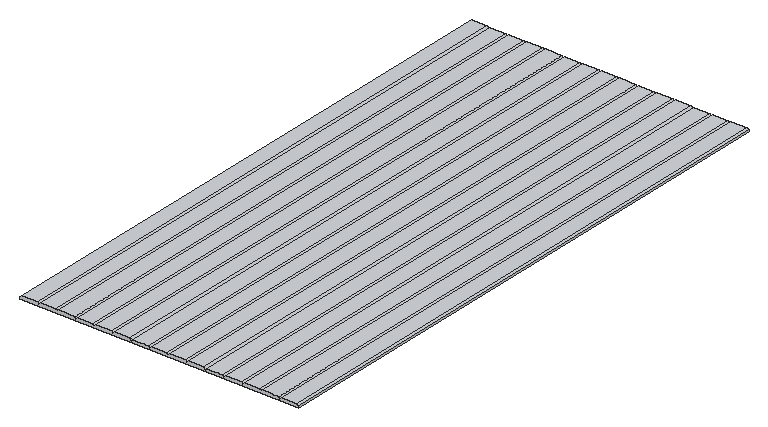
Revit family "J2 PET Felt Engraved Vertical", category Generic Models, host Face, Revit 2022
Family settings
  Host = Face
  Can host rebar = No
  Round Connector Dimension = Use Diameter
  Part Type = Normal
  Cut with Voids When Loaded = No
  Maintain Annotation Orientation = No
  Shared = No
  Room Calculation Point = No
Parameters
  URL = "https://www.j2systems.net/"
  Symbol Name = "FPEVER"  # constant formula
  Style Number = "FPEVER"  # constant formula
  Release Date = "2019"  # constant formula
  Product Line = "Engraved Panels"  # constant formula
  Model = "Vertical"  # constant formula
  Manufacturer = "J2 Systems"  # constant formula
  Felt color = none
  Default Elevation = 0' - 0"
Reference planes (in)
  plane 1 "Center (Front/Back)": y = 0
  plane 2: z = 0
  plane 3 "Center (Left/Right)": x = 0
Forms (in)
  Extrusion 1, solid, material <- "Felt color"
    sketch origin (0, 0, 0) x (1, 0, 0) y (0, 1, 0)
      loop
        line (0, 0) -> (47, 0) -> (47, 95) -> (0, 95) -> (0, 0)
    from 0 to 0.5
  Sweep 2, void
    path origin (-23.5, 0, 0) x (1, 0, 0) y (0, 1, 0)
      loop
        line (23.5, 0) -> (23.5, 95)
    profile origin (0, 47.5, 0) x (-1, 0, 0) y (0, 0, 1)
      loop
        line (0, 0.25) -> (0, 0.5) -> (-0.25, 0.5) -> (0, 0.25)
  Sweep 3, void
    path origin (23.5, 0, 0) x (1, 0, 0) y (0, 1, 0)
      loop
        line (23.5, 0) -> (23.5, 95)
    profile origin (47, 47.5, 0) x (-1, 0, 0) y (0, 0, 1)
      loop
        line (0, 0.25) -> (0.25, 0.5) -> (0, 0.5) -> (0, 0.25)
  Sweep 4, void
    path origin (-20.36667, 0, 0) x (1, 0, 0) y (0, 1, 0)
      loop
        line (23.5, 0) -> (23.5, 95)
    profile origin (3.13333, 47.5, 0) x (-1, 0, 0) y (0, 0, 1)
      loop
        line (0, 0.25) -> (0.25, 0.5) -> (-0.25, 0.5) -> (0, 0.25)
  Sweep 5, void
    path origin (-17.23333, 0, 0) x (1, 0, 0) y (0, 1, 0)
      loop
        line (23.5, 0) -> (23.5, 95)
    profile origin (6.26667, 47.5, 0) x (-1, 0, 0) y (0, 0, 1)
      loop
        line (0, 0.25) -> (0.25, 0.5) -> (-0.25, 0.5) -> (0, 0.25)
  Sweep 6, void
    path origin (-14.1, 0, 0) x (1, 0, 0) y (0, 1, 0)
      loop
        line (23.5, 0) -> (23.5, 95)
    profile origin (9.4, 47.5, 0) x (-1, 0, 0) y (0, 0, 1)
      loop
        line (0, 0.25) -> (0.25, 0.5) -> (-0.25, 0.5) -> (0, 0.25)
  Sweep 7, void
    path origin (-10.96667, 0, 0) x (1, 0, 0) y (0, 1, 0)
      loop
        line (23.5, 0) -> (23.5, 95)
    profile origin (12.53333, 47.5, 0) x (-1, 0, 0) y (0, 0, 1)
      loop
        line (0, 0.25) -> (0.25, 0.5) -> (-0.25, 0.5) -> (0, 0.25)
  Sweep 8, void
    path origin (-7.83333, 0, 0) x (1, 0, 0) y (0, 1, 0)
      loop
        line (23.5, 0) -> (23.5, 95)
    profile origin (15.66667, 47.5, 0) x (-1, 0, 0) y (0, 0, 1)
      loop
        line (0, 0.25) -> (0.25, 0.5) -> (-0.25, 0.5) -> (0, 0.25)
  Sweep 9, void
    path origin (-4.7, 0, 0) x (1, 0, 0) y (0, 1, 0)
      loop
        line (23.5, 0) -> (23.5, 95)
    profile origin (18.8, 47.5, 0) x (-1, 0, 0) y (0, 0, 1)
      loop
        line (0, 0.25) -> (0.25, 0.5) -> (-0.25, 0.5) -> (0, 0.25)
  Sweep 10, void
    path origin (-1.56667, 0, 0) x (1, 0, 0) y (0, 1, 0)
      loop
        line (23.5, 0) -> (23.5, 95)
    profile origin (21.93333, 47.5, 0) x (-1, 0, 0) y (0, 0, 1)
      loop
        line (0, 0.25) -> (0.25, 0.5) -> (-0.25, 0.5) -> (0, 0.25)
  Sweep 11, void
    path origin (1.56667, 0, 0) x (1, 0, 0) y (0, 1, 0)
      loop
        line (23.5, 0) -> (23.5, 95)
    profile origin (25.06667, 47.5, 0) x (-1, 0, 0) y (0, 0, 1)
      loop
        line (0, 0.25) -> (0.25, 0.5) -> (-0.25, 0.5) -> (0, 0.25)
  Sweep 12, void
    path origin (4.7, 0, 0) x (1, 0, 0) y (0, 1, 0)
      loop
        line (23.5, 0) -> (23.5, 95)
    profile origin (28.2, 47.5, 0) x (-1, 0, 0) y (0, 0, 1)
      loop
        line (0, 0.25) -> (0.25, 0.5) -> (-0.25, 0.5) -> (0, 0.25)
  Sweep 13, void
    path origin (7.83333, 0, 0) x (1, 0, 0) y (0, 1, 0)
      loop
        line (23.5, 0) -> (23.5, 95)
    profile origin (31.33333, 47.5, 0) x (-1, 0, 0) y (0, 0, 1)
      loop
        line (0, 0.25) -> (0.25, 0.5) -> (-0.25, 0.5) -> (0, 0.25)
  Sweep 14, void
    path origin (10.96667, 0, 0) x (1, 0, 0) y (0, 1, 0)
      loop
        line (23.5, 0) -> (23.5, 95)
    profile origin (34.46667, 47.5, 0) x (-1, 0, 0) y (0, 0, 1)
      loop
        line (0, 0.25) -> (0.25, 0.5) -> (-0.25, 0.5) -> (0, 0.25)
  Sweep 15, void
    path origin (14.1, 0, 0) x (1, 0, 0) y (0, 1, 0)
      loop
        line (23.5, 0) -> (23.5, 95)
    profile origin (37.6, 47.5, 0) x (-1, 0, 0) y (0, 0, 1)
      loop
        line (0, 0.25) -> (0.25, 0.5) -> (-0.25, 0.5) -> (0, 0.25)
  Sweep 16, void
    path origin (17.23333, 0, 0) x (1, 0, 0) y (0, 1, 0)
      loop
        line (23.5, 0) -> (23.5, 95)
    profile origin (40.73333, 47.5, 0) x (-1, 0, 0) y (0, 0, 1)
      loop
        line (0, 0.25) -> (0.25, 0.5) -> (-0.25, 0.5) -> (0, 0.25)
  Sweep 17, void
    path origin (20.36667, 0, 0) x (1, 0, 0) y (0, 1, 0)
      loop
        line (23.5, 0) -> (23.5, 95)
    profile origin (43.86667, 47.5, 0) x (-1, 0, 0) y (0, 0, 1)
      loop
        line (0, 0.25) -> (0.25, 0.5) -> (-0.25, 0.5) -> (0, 0.25)
Cuts and joins
  Sweep 2, Sweep 3, Sweep 4, Sweep 5, Sweep 6, Sweep 7, Sweep 8, Sweep 9, Sweep 10, Sweep 11, Sweep 12, Sweep 13, Sweep 14, Sweep 15, Sweep 16, Sweep 17 cuts Extrusion 1
Dimensions and locks (in)
  aligned and locked: host face to plane 2
  aligned and locked: level to host face
